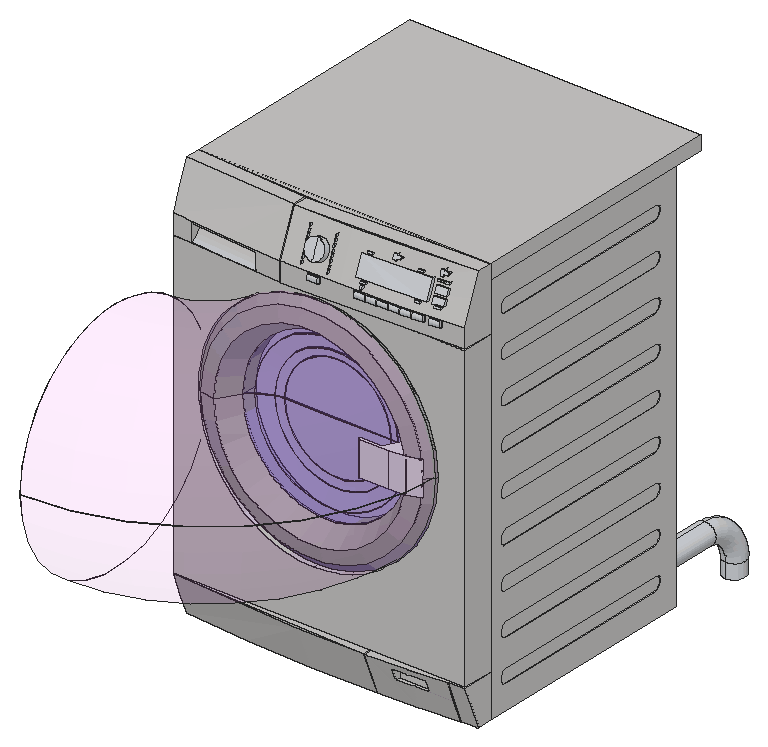
Revit family "QF_ELECTROLUXPROFESSIONAL_1L0A45_WE170V_E", category Attrezzature speciali, Revit 2021
Family settings
  Quota connettore circolare = Usa diametro
  Tipo di parte = Normale
  Basato su piano di lavoro = No
  Sempre verticale = Sì
  Taglio con vuoti quando caricato = No
  Condiviso = No
  Punto di calcolo locali = No
Parameters (values of type "914535416")
  Width = 596.5 mm
  Weight = 80.5
  Watts = 2200 W
  Volts = 230 V
  URL = "www.electroluxprofessional.com"
  Steam Pounds per Hour = 0
  Sensible Heat Output = "0.0"
  Prospetto di default = 0 mm
  Produttore = "Electrolux Professional"
  Phase = 1
  Modello = "WE170V"
  Length Actual = 597 mm
  Latent Heat Output = "0.0"
  Item Number = "1LSP9B"
  Hot Water Size [instance] = 20 mm
  Height Actual = 850 mm
  Height = 846.7 mm
  Gas KW = 0
  Direct Waste Size [instance] = 32 mm
  Descrizione = "myPRO SMART PROFESSIONAL WASHER WE170V 8KG VALVE 230-240/50/1N 2,2KW SYMBOLS SCHUKO SST/DARK BLUE"
  Depth Actual = 624 mm
  Depth = 619.6 mm
  Cycle = 50 Hz
  Corrente [instance] = "9.6"
  Cold Water Size [instance] = 20 mm
Types (5, lengths in mm): name | Watts | Volts | Item Number | Descrizione | Cycle | Corrente
  (no name) | 2200 W | 230 V | "1LSP9B" | "myPRO SMART PROFESSIONAL WASHER WE170V 8KG VALVE 230-240/50/1N 2,2KW SYMBOLS SCHUKO SST/DARK BLUE" | 50 Hz | "9.6"
  914535406 | 1700 W | 200 V | "1L0BJN" | "myPRO SMART PROFESSIONAL WASHER WE170V 8KG VALVE 200/60/1N 2,2KW JP SST/DARK BLUE" | 60 Hz | "8.5"
  914535413 | 2200 W | 230 V | "1LSP98" | "myPRO SMART PROFESSIONAL WASHER WE170V 8KG VALVE 230-240/50/1N 2,2KW EN PLUG-UK SST/DARK BLUE" | 50 Hz | "9.6"
  914535414 | 2200 W | 230 V | "1LSP99" | "myPRO SMART PROFESSIONAL WASHER WE170V 8KG VALVE 230-240/50/1N 2,2KW DE SCHUKO SST/DARK BLUE" | 50 Hz | "9.6"
  914535416 | 2200 W | 230 V | "1LSP9B" | "myPRO SMART PROFESSIONAL WASHER WE170V 8KG VALVE 230-240/50/1N 2,2KW SYMBOLS SCHUKO SST/DARK BLUE" | 50 Hz | "9.6"
Reference planes
  plane 1 "Center (Front/Back)": y = 0
  plane 2: z = 0
  plane 3 "Center (Left/Right)": x = 0
  plane 4 "LEFT": x = -298.25
  plane 5 "RIGHT": x = 298.25
  plane 6 "BACK": y = 309.8
  plane 7 "FRONT": y = -309.8
  plane 8 "voidPanel": through (0, -279.09, 846.678) normal (0, -0.9308, 0.3656)
Forms (mm)
  Extrusion 1, void
    sketch origin (0, 0, 0) x (1, 0, 0) y (0, 1, 0)
      loop
        line (298.25, -309.8) -> (348.25, -309.8) -> (348.25, -209.8) -> (298.25, -209.8) -> (298.25, -309.8)
    from 0 to 846.7
  Extrusion 2, void
    sketch origin (0, 0, 0) x (1, 0, 0) y (0, 1, 0)
      loop
        line (-298.25, -309.8) -> (-298.25, -209.8) -> (-348.25, -209.8) -> (-348.25, -309.8) -> (-298.25, -309.8)
    from 0 to 846.7
  Revolve 3, solid, material "QF_Finishes_Stainless Steel"
    sketch origin (0, 0, 0) x (0, 1, 0) y (0, 0, 1)
      loop
        line (-275.22, 846.7) -> (-309.8, 758.7) -> (-309.8, 96.5) -> (-275.22, 10.099) -> (-245.097, 10.099) -> (-245.097, 846.7) -> (-275.22, 846.7)
      axis (2693.07, 846.7) -> (2693.07, 10.099)
    angle from -6 to 6
  Extrusion 4, solid, material "QF_Finishes_Stainless Steel"
    sketch origin (0, 0, 0) x (1, 0, 0) y (0, 1, 0)
      loop
        line (-298.25, 244.903) -> (-298.25, -229.92) -> (298.25, -229.92) -> (298.25, 244.903) -> (-298.25, 244.903)
    from 10 to 816.7
  Extrusion 5, solid, material "QF_Finishes_Stainless Steel"
    sketch origin (0, 0, 816.7) x (-1, 0, 0) y (0, -1, 0)
      loop
        line (298.25, -309.8) -> (298.25, 245.097) -> (-298.25, 245.097) -> (-298.25, -309.8) -> (298.25, -309.8)
    from 0 to 30
  Extrusion 6, void
    sketch origin (0, -309.8, 0) x (0, 0, 1) y (-1, 0, 0)
      loop
        circle (464.1, 0) r 242.757
    from 0 to -500.517
  Revolve 7, solid, material "QF_Finishes_Gray"
    sketch origin (0, 0, 464.1) x (-1, 0, 0) y (0, -1, 0)
      loop
        line (242.774, 245.097) -> (242.774, 298.949) -> (226.774, 313.123) -> (196.73, 319.767) -> (170.5, 277.446) -> (170.5, 245.097) -> (242.774, 245.097)
      axis (0, 245.097) -> (0, 319.767)
    angle from 0 to 360
  Revolve 8, solid, material "Glass"
    sketch origin (0, 0, 464.1) x (-1, 0, 0) y (0, -1, 0)
      loop
        line (156.034, 264.421) -> (125.785, 250.116)
        arc (125.785, 250.116) -> (117.42, 247.776) -> (108.77, 246.987) r 47.824
        line (108.77, 246.987) -> (0, 246.987) -> (0, 244.987) -> (108.77, 244.987)
        arc (108.77, 244.987) -> (117.82, 245.816) -> (126.57, 248.275) r 49.824
        line (126.57, 248.275) -> (156.889, 262.613)
        arc (156.889, 262.613) -> (164.396, 267.382) -> (170.5, 273.851) r 35.892
        line (170.5, 273.851) -> (170.5, 277.446)
        arc (170.5, 277.446) -> (164.222, 269.872) -> (156.034, 264.421) r 33.892
      axis (0, 244.987) -> (0, 277.446)
    angle from 0 to 360
  Extrusion 9, void
    sketch origin (0, 0, 464.1) x (-1, 0, 0) y (0, -1, 0)
      loop
        line (278.25, -224.903) -> (278.25, 225.097) -> (-278.25, 225.097) -> (-278.25, -224.903) -> (278.25, -224.903)
    from -434.1 to 332.6
  Extrusion 10, void
    sketch origin (0, 0, 846.7) x (-1, 0, 0) y (0, -1, 0)
      loop
        arc (-298.25, 229.92) -> (0, 245.097) -> (298.25, 229.92) r 2938.166
        line (298.25, 229.92) -> (298.25, 260.198)
        arc (298.25, 260.198) -> (0, 275.22) -> (-298.25, 260.198) r 2968.289
        line (-298.25, 260.198) -> (-298.25, 229.92)
    from -30 to 0
  Extrusion 11, solid, material "QF_Finishes_Stainless Steel"
    sketch origin (0, 0, 846.7) x (-1, 0, 0) y (0, -1, 0)
      loop
        arc (-298.25, 229.92) -> (0, 245.097) -> (298.25, 229.92) r 2938.166
        line (298.25, 229.92) -> (298.25, 260.198)
        arc (298.25, 260.198) -> (0, 275.22) -> (-298.25, 260.198) r 2968.289
        line (-298.25, 260.198) -> (-298.25, 229.92)
    from 0 to -30
  Extrusion 12, solid
    sketch origin (0, 0, 846.7) x (-1, 0, 0) y (0, -1, 0)
      loop
        line (-148.308, 319.298) -> (-106.952, 319.298)
        arc (-106.952, 319.298) -> (-103.725, 322.526) -> (-106.952, 325.753) r 3.227
        line (-106.952, 325.753) -> (-166.755, 325.753)
        arc (-166.755, 325.753) -> (-197.413, 322.561) -> (-226.757, 313.123) r 148.849
        line (-226.757, 313.123) -> (-196.713, 319.767) -> (-170.483, 277.446) -> (-148.308, 319.298)
    from -417.516 to -347.516
  Extrusion 13, void
    sketch origin (0, 0, 0) x (0, 1, 0) y (0, 0, 1)
      loop
        line (-189.283, 738.954) -> (190.717, 738.954)
        arc (190.717, 738.954) -> (205.717, 753.954) -> (190.717, 768.954) r 15
        line (190.717, 768.954) -> (-189.283, 768.954)
        arc (-189.283, 768.954) -> (-204.283, 753.954) -> (-189.283, 738.954) r 15
      loop
        line (-189.283, 653.954) -> (190.717, 653.954)
        arc (190.717, 653.954) -> (205.717, 668.954) -> (190.717, 683.954) r 15
        line (190.717, 683.954) -> (-189.283, 683.954)
        arc (-189.283, 683.954) -> (-204.283, 668.954) -> (-189.283, 653.954) r 15
      loop
        arc (190.717, 568.954) -> (205.717, 583.954) -> (190.717, 598.954) r 15
        line (190.717, 598.954) -> (-189.283, 598.954)
        arc (-189.283, 598.954) -> (-204.283, 583.954) -> (-189.283, 568.954) r 15
        line (-189.283, 568.954) -> (190.717, 568.954)
      loop
        arc (-189.283, 513.954) -> (-204.283, 498.954) -> (-189.283, 483.954) r 15
        line (-189.283, 483.954) -> (190.717, 483.954)
        arc (190.717, 483.954) -> (205.717, 498.954) -> (190.717, 513.954) r 15
        line (190.717, 513.954) -> (-189.283, 513.954)
      loop
        arc (-189.283, 428.954) -> (-204.283, 413.954) -> (-189.283, 398.954) r 15
        line (-189.283, 398.954) -> (190.717, 398.954)
        arc (190.717, 398.954) -> (205.717, 413.954) -> (190.717, 428.954) r 15
        line (190.717, 428.954) -> (-189.283, 428.954)
      loop
        line (-189.283, 313.954) -> (190.717, 313.954)
        arc (190.717, 313.954) -> (205.717, 328.954) -> (190.717, 343.954) r 15
        line (190.717, 343.954) -> (-189.283, 343.954)
        arc (-189.283, 343.954) -> (-204.283, 328.954) -> (-189.283, 313.954) r 15
      loop
        arc (-189.283, 258.954) -> (-204.283, 243.954) -> (-189.283, 228.954) r 15
        line (-189.283, 228.954) -> (190.717, 228.954)
        arc (190.717, 228.954) -> (205.717, 243.954) -> (190.717, 258.954) r 15
        line (190.717, 258.954) -> (-189.283, 258.954)
      loop
        arc (-189.283, 173.954) -> (-204.283, 158.954) -> (-189.283, 143.954) r 15
        line (-189.283, 143.954) -> (190.717, 143.954)
        arc (190.717, 143.954) -> (205.717, 158.954) -> (190.717, 173.954) r 15
        line (190.717, 173.954) -> (-189.283, 173.954)
      loop
        arc (-189.283, 88.954) -> (-204.283, 73.954) -> (-189.283, 58.954) r 15
        line (-189.283, 58.954) -> (190.717, 58.954)
        arc (190.717, 58.954) -> (205.717, 73.954) -> (190.717, 88.954) r 15
        line (190.717, 88.954) -> (-189.283, 88.954)
    from 295 to 298.25
  Extrusion 14, void
    sketch origin (-298.25, 0, 0) x (0, 0, 1) y (0, -1, 0)
      loop
        line (768.954, -190.717) -> (768.954, 189.283)
        arc (768.954, 189.283) -> (753.954, 204.283) -> (738.954, 189.283) r 15
        line (738.954, 189.283) -> (738.954, -190.717)
        arc (738.954, -190.717) -> (753.954, -205.717) -> (768.954, -190.717) r 15
      loop
        arc (653.954, -190.717) -> (668.954, -205.717) -> (683.954, -190.717) r 15
        line (683.954, -190.717) -> (683.954, 189.283)
        arc (683.954, 189.283) -> (668.954, 204.283) -> (653.954, 189.283) r 15
        line (653.954, 189.283) -> (653.954, -190.717)
      loop
        line (598.954, -190.717) -> (598.954, 189.283)
        arc (598.954, 189.283) -> (583.954, 204.283) -> (568.954, 189.283) r 15
        line (568.954, 189.283) -> (568.954, -190.717)
        arc (568.954, -190.717) -> (583.954, -205.717) -> (598.954, -190.717) r 15
      loop
        arc (483.954, -190.717) -> (498.954, -205.717) -> (513.954, -190.717) r 15
        line (513.954, -190.717) -> (513.954, 189.283)
        arc (513.954, 189.283) -> (498.954, 204.283) -> (483.954, 189.283) r 15
        line (483.954, 189.283) -> (483.954, -190.717)
      loop
        line (398.954, 189.283) -> (398.954, -190.717)
        arc (398.954, -190.717) -> (413.954, -205.717) -> (428.954, -190.717) r 15
        line (428.954, -190.717) -> (428.954, 189.283)
        arc (428.954, 189.283) -> (413.954, 204.283) -> (398.954, 189.283) r 15
      loop
        arc (313.954, -190.717) -> (328.954, -205.717) -> (343.954, -190.717) r 15
        line (343.954, -190.717) -> (343.954, 189.283)
        arc (343.954, 189.283) -> (328.954, 204.283) -> (313.954, 189.283) r 15
        line (313.954, 189.283) -> (313.954, -190.717)
      loop
        arc (258.954, 189.283) -> (243.954, 204.283) -> (228.954, 189.283) r 15
        line (228.954, 189.283) -> (228.954, -190.717)
        arc (228.954, -190.717) -> (243.954, -205.717) -> (258.954, -190.717) r 15
        line (258.954, -190.717) -> (258.954, 189.283)
      loop
        arc (143.954, -190.717) -> (158.954, -205.717) -> (173.954, -190.717) r 15
        line (173.954, -190.717) -> (173.954, 189.283)
        arc (173.954, 189.283) -> (158.954, 204.283) -> (143.954, 189.283) r 15
        line (143.954, 189.283) -> (143.954, -190.717)
      loop
        line (88.954, -190.717) -> (88.954, 189.283)
        arc (88.954, 189.283) -> (73.954, 204.283) -> (58.954, 189.283) r 15
        line (58.954, 189.283) -> (58.954, -190.717)
        arc (58.954, -190.717) -> (73.954, -205.717) -> (88.954, -190.717) r 15
    from 0 to 3.25
  Extrusion 15, solid
    sketch origin (0, 0, 0) x (1, 0, 0) y (0, 1, 0)
      loop
        circle (-260.35, 212.4) r 20
    from 2.599 to 10
  Extrusion 16, solid
    sketch origin (0, 0, 0) x (1, 0, 0) y (0, 1, 0)
      loop
        circle (-260.35, 212.4) r 11
    from 0 to 3
  Extrusion 17, solid
    sketch origin (0, 0, 0) x (1, 0, 0) y (0, 1, 0)
      loop
        circle (260.35, 212.4) r 20
    from 3 to 10
  Extrusion 18, solid
    sketch origin (0, 0, 0) x (1, 0, 0) y (0, 1, 0)
      loop
        circle (260.35, 212.4) r 11
    from 0 to 3
  Extrusion 19, solid
    sketch origin (0, 0, 0) x (1, 0, 0) y (0, 1, 0)
      loop
        circle (-260.35, -214) r 20
    from 3 to 10
  Extrusion 20, solid
    sketch origin (0, 0, 0) x (1, 0, 0) y (0, 1, 0)
      loop
        circle (-260.35, -214) r 11
    from 0 to 3
  Extrusion 21, solid
    sketch origin (0, 0, 0) x (1, 0, 0) y (0, 1, 0)
      loop
        circle (260.35, -214) r 20
    from 3 to 10
  Extrusion 22, solid
    sketch origin (0, 0, 0) x (1, 0, 0) y (0, 1, 0)
      loop
        circle (260.35, -214) r 11
    from 0 to 3
  Sweep 23, solid
    path in 3D
      loop
        line (257.95, 444.903, -30.702) -> (257.95, 444.903, -0.7)
        arc (257.95, 444.903, -0.7) -> (257.95, 422.935, 52.336) -> (257.95, 369.899, 74.304) r 75.004
        line (257.95, 369.899, 74.304) -> (257.95, 244.903, 74.304)
    profile origin (257.95, 307.401, 74.304) x (0, 0, 1) y (-1, 0, 0)
      loop
        circle (-0.004, 0) r 22.25
  Blend 24, solid, material "QF_Finishes_Gray"
    base sketch origin (0, 244.903, 0) x (0, 0, 1) y (1, 0, 0)
      loop
        line (717.592, 70.741) -> (682.886, 203.828)
        arc (682.886, 203.828) -> (656.475, 243.36) -> (611.455, 258.643) r 73.949
        line (611.455, 258.643) -> (186.793, 258.643)
        arc (186.793, 258.643) -> (89.269, 219.323) -> (48.718, 122.304) r 136.362
        line (48.718, 122.304) -> (48.718, -122.304)
        arc (48.718, -122.304) -> (89.269, -219.322) -> (186.793, -258.643) r 136.362
        line (186.793, -258.643) -> (611.455, -258.643)
        arc (611.455, -258.643) -> (656.475, -243.36) -> (682.886, -203.828) r 73.949
        line (682.886, -203.828) -> (717.592, -70.741) -> (717.592, 70.741)
    top sketch origin (0, 244.903, 0) x (0, 0, 1) y (1, 0, 0)
      loop
        line (600.219, 199.866) -> (180.219, 199.866)
        arc (180.219, 199.866) -> (108.444, 170.809) -> (77.096, 100.006) r 103.177
        line (77.096, 100.006) -> (77.096, -100.006)
        arc (77.096, -100.006) -> (108.444, -170.809) -> (180.219, -199.865) r 103.177
        line (180.219, -199.865) -> (600.219, -199.865)
        arc (600.219, -199.865) -> (648.92, -183.679) -> (678.078, -141.448) r 80.887
        line (678.078, -141.448) -> (699.055, -63.159)
        arc (699.055, -63.159) -> (702.827, -43.9) -> (703.937, -24.306) r 143.552
        line (703.937, -24.306) -> (703.937, 24.306)
        arc (703.937, 24.306) -> (702.827, 43.9) -> (699.055, 63.159) r 143.552
        line (699.055, 63.159) -> (678.078, 141.448)
        arc (678.078, 141.448) -> (648.92, 183.679) -> (600.219, 199.866) r 80.887
    from 0 to 45
  Extrusion 25, solid
    sketch origin (0, 244.903, 0) x (0, 0, 1) y (1, 0, 0)
      loop
        circle (770.6, 175.06) r 5
    from 0 to 10
  Extrusion 26, solid
    sketch origin (0, 244.903, 0) x (0, 0, 1) y (1, 0, 0)
      loop
        circle (747.326, -204.287) r 10.551
    from 0 to 3
  Extrusion 27, solid
    sketch origin (0, 244.903, 0) x (0, 0, 1) y (1, 0, 0)
      loop
        circle (753.113, -128.946) r 10.957
    from 0 to 3
  Revolve 28, solid
    sketch origin (0, 0, 0) x (0, 1, 0) y (0, 0, 1)
      loop
        line (-288.963, 811.912) -> (-290.42, 812.457) -> (-288.648, 817.196) -> (-299.251, 821.16) -> (-306.378, 802.099) -> (-294.396, 797.379) -> (-288.963, 811.912)
      axis (-306.708, 802.229) -> (-294.396, 797.379)
    angle from 0 to 360
  Revolve 29, void
    sketch origin (-230.316, 19.843, 0) x (-0.085839, -0.996309, 0) y (0, 0, 1)
      loop
        arc (300.921, 756.57) -> (305.932, 736.74) -> (319.761, 721.669) r 41.748
        line (319.761, 721.669) -> (319.761, 756.57) -> (300.921, 756.57)
      axis (-2683.13, 756.57) -> (-2683.13, 721.669)
    angle from 0 to 2.65
  Extrusion 30, void
    sketch origin (0, -309.8, 0) x (0, 0, 1) y (-1, 0, 0)
      loop
        line (756.024, 11.1) -> (744.024, 11.1) -> (744.024, -11.9) -> (756.024, -11.9) -> (756.024, 11.1)
    from -2 to 2
  Extrusion 31, void
    sketch origin (0, -309.8, 0) x (0, 0, 1) y (-1, 0, 0)
      loop
        line (744.024, -82.491) -> (744.024, -105.291) -> (756.024, -105.291) -> (756.024, -82.491) -> (744.024, -82.491)
    from -4.2 to 3
  Extrusion 32, void
    sketch origin (0, -309.8, 0) x (0, 0, 1) y (-1, 0, 0)
      loop
        line (744.024, -105.691) -> (744.024, -128.291) -> (756.024, -128.291) -> (756.024, -105.691) -> (744.024, -105.691)
    from -5 to 3
  Extrusion 33, void
    sketch origin (0, -309.8, 0) x (0, 0, 1) y (-1, 0, 0)
      loop
        line (744.024, -128.691) -> (744.024, -151.291) -> (756.024, -151.291) -> (756.024, -128.691) -> (744.024, -128.691)
    from -6 to 3
  Extrusion 34, void
    sketch origin (0, -309.8, 0) x (0, 0, 1) y (-1, 0, 0)
      loop
        line (744.024, -151.691) -> (744.024, -174.291) -> (756.024, -174.291) -> (756.024, -151.691) -> (744.024, -151.691)
    from -7 to 3
  Extrusion 35, void
    sketch origin (0, -309.8, 0) x (0, 0, 1) y (-1, 0, 0)
      loop
        line (756.024, -174.691) -> (744.024, -174.691) -> (744.024, -197.291) -> (756.024, -197.291) -> (756.024, -174.691)
    from -8 to 3
  Extrusion 36, void
    sketch origin (0, -309.8, 0) x (0, 0, 1) y (-1, 0, 0)
      loop
        line (756.024, -197.691) -> (744.024, -197.691) -> (744.024, -220.291) -> (756.024, -220.291) -> (756.024, -197.691)
    from -10 to 3
  Extrusion 37, void
    sketch origin (0, -309.8, 0) x (0, 0, 1) y (-1, 0, 0)
      loop
        line (756.024, -231.191) -> (744.024, -231.191) -> (744.024, -253.791) -> (756.024, -253.791) -> (756.024, -231.191)
    from -12 to 3
  Revolve 38, solid
    sketch origin (0, 0, 0) x (0, 1, 0) y (0, 0, 1)
      loop
        arc (-311.022, 755.444) -> (-313.407, 750.198) -> (-312.569, 744.497) r 10.199
        line (-312.569, 744.497) -> (-308.8, 744.497) -> (-308.8, 755.444) -> (-311.022, 755.444)
      axis (2693.07, 755.444) -> (2693.07, 744.497)
    angle from -0.2 to 0.2
  Revolve 39, solid
    sketch origin (225.331, 18.987, 0) x (-0.083967, 0.996469, 0) y (0, 0, 1)
      loop
        line (-322.415, 744.497) -> (-318.664, 744.497) -> (-318.664, 755.444) -> (-320.867, 755.444)
        arc (-320.867, 755.444) -> (-323.262, 750.2) -> (-322.415, 744.497) r 10.15
      axis (2683.559, 755.444) -> (2683.559, 744.497)
    angle from 0.39 to 0
  Revolve 40, solid
    sketch origin (175.309, 11.964, -0.527) x (-0.065247, 0.997869, 0) y (0, 0, 1)
      loop
        arc (-316.803, 755.966) -> (-319.198, 750.722) -> (-318.35, 745.019) r 10.15
        line (-318.35, 745.019) -> (-314.581, 745.019) -> (-314.581, 755.966) -> (-316.803, 755.966)
      axis (2687.331, 755.966) -> (2687.331, 745.019)
    angle from 0 to 0.39
  Revolve 41, solid
    sketch origin (154.929, 8.943, 0) x (0.057625, -0.998338, 0) y (0, 0, 1)
      loop
        line (314.383, 755.444) -> (312.161, 755.444) -> (312.161, 744.497) -> (315.93, 744.497)
        arc (315.93, 744.497) -> (316.778, 750.2) -> (314.383, 755.444) r 10.15
      axis (-2688.595, 755.444) -> (-2688.595, 744.497)
    angle from 0 to -0.39
  Revolve 42, solid
    sketch origin (114.028, 4.837, 0) x (-0.042379, 0.999102, 0) y (0, 0, 1)
      loop
        arc (-312.044, 755.444) -> (-314.439, 750.2) -> (-313.591, 744.497) r 10.15
        line (-313.591, 744.497) -> (-309.822, 744.497) -> (-309.822, 755.444) -> (-312.044, 755.444)
      axis (2690.65, 755.444) -> (2690.65, 744.497)
    angle from 0 to 0.39
  Revolve 43, solid
    sketch origin (93.547, 3.253, 0) x (0.034757, -0.999396, 0) y (0, 0, 1)
      loop
        line (310.993, 755.444) -> (308.772, 755.444) -> (308.772, 744.497) -> (312.541, 744.497)
        arc (312.541, 744.497) -> (313.388, 750.2) -> (310.993, 755.444) r 10.15
      axis (-2691.442, 755.444) -> (-2691.442, 744.497)
    angle from 0 to -0.39
  Revolve 44, solid
    sketch origin (195.713, 14.299, -0.064) x (-0.072866, 0.997342, 0) y (0, 0, 1)
      loop
        line (-314.873, 744.555) -> (-314.873, 755.526) -> (-317.167, 755.526)
        arc (-317.167, 755.526) -> (-319.568, 750.27) -> (-318.708, 744.555) r 10.141
        line (-318.708, 744.555) -> (-314.873, 744.555)
      axis (2685.911, 755.526) -> (2685.911, 744.555)
    angle from 0 to 0.39
  Revolve 45, solid
    sketch origin (134.491, 6.733, 0) x (-0.050002, 0.998749, 0) y (0, 0, 1)
      loop
        line (-314.545, 744.497) -> (-310.794, 744.497) -> (-310.794, 755.444) -> (-312.997, 755.444)
        arc (-312.997, 755.444) -> (-315.392, 750.2) -> (-314.545, 744.497) r 10.15
      axis (2689.701, 755.444) -> (2689.701, 744.497)
    angle from 0 to 0.39
  Extrusion 46, void
    sketch origin (0, 0, 0) x (0, 1, 0) y (0, 0, 1)
      loop
        line (-252.57, 10.099) -> (-252.57, 96.5) -> (-320.672, 96.5) -> (-320.672, 10.099) -> (-252.57, 10.099)
    from 102 to 103.5
  Extrusion 47, void
    sketch origin (0, 0, 0) x (0, 1, 0) y (0, 0, 1)
      loop
        line (-252.57, 10.099) -> (-252.57, 96.5) -> (-320.672, 96.5) -> (-320.672, 10.099) -> (-252.57, 10.099)
    from 265 to 267.304
  Extrusion 48, void
    sketch origin (-298.25, 0, 0) x (0, 0, 1) y (0, -1, 0)
      loop
        line (846.7, 240.776) -> (846.7, 324.43) -> (718.7, 324.43) -> (718.7, 240.776) -> (846.7, 240.776)
    from 229 to 231.5
  Extrusion 49, void
    sketch origin (298.25, 0, 0) x (0, 0, 1) y (0, -1, 0)
      loop
        line (718.7, 229.92) -> (718.7, 330.753) -> (716.2, 330.753) -> (716.2, 229.92) -> (718.7, 229.92)
    from -600 to 3
  Extrusion 50, void
    sketch origin (298.25, 0, 0) x (0, 0, 1) y (0, -1, 0)
      loop
        line (96.5, 320.097) -> (96.5, 229.92) -> (99, 229.92) -> (99, 320.097) -> (96.5, 320.097)
    from -600 to 3
  Extrusion 51, void
    sketch origin (298.25, 0, 0) x (0, 0, 1) y (0, -1, 0)
      loop
        line (59.021, 279.876) -> (84.521, 279.876) -> (84.521, 312.8) -> (59.021, 312.8) -> (59.021, 279.876)
    from -145.491 to -78.384
  Extrusion 52, solid
    sketch origin (0, -309.8, 0) x (0, 0, 1) y (-1, 0, 0)
      loop
        line (830.108, -26.248) -> (825.608, -26.248) -> (825.608, -27.748) -> (830.108, -27.748) -> (830.108, -26.248)
      loop
        line (821.758, -26.248) -> (817.258, -26.248) -> (817.258, -27.748) -> (821.758, -27.748) -> (821.758, -26.248)
      loop
        line (813.408, -26.248) -> (808.908, -26.248) -> (808.908, -27.748) -> (813.408, -27.748) -> (813.408, -26.248)
      loop
        line (805.058, -26.248) -> (800.558, -26.248) -> (800.558, -27.748) -> (805.058, -27.748) -> (805.058, -26.248)
      loop
        line (792.208, -26.248) -> (792.208, -27.748) -> (796.7, -27.748) -> (796.7, -26.248) -> (792.208, -26.248)
      loop
        line (783.858, -26.248) -> (783.858, -27.748) -> (788.358, -27.748) -> (788.358, -26.248) -> (783.858, -26.248)
      loop
        line (775.508, -26.248) -> (775.508, -27.748) -> (780.008, -27.748) -> (780.008, -26.248) -> (775.508, -26.248)
      loop
        line (767.158, -26.248) -> (767.158, -27.748) -> (771.658, -27.748) -> (771.658, -26.248) -> (767.158, -26.248)
      loop
        line (825.608, 27.752) -> (825.608, 26.252) -> (830.108, 26.252) -> (830.108, 27.752) -> (825.608, 27.752)
      loop
        line (817.258, 27.752) -> (817.258, 26.252) -> (821.758, 26.252) -> (821.758, 27.752) -> (817.258, 27.752)
      loop
        line (808.908, 27.752) -> (808.908, 26.252) -> (813.408, 26.252) -> (813.408, 27.752) -> (808.908, 27.752)
      loop
        line (800.558, 27.752) -> (800.558, 26.252) -> (805.058, 26.252) -> (805.058, 27.752) -> (800.558, 27.752)
      loop
        line (792.208, 27.752) -> (792.208, 26.252) -> (796.7, 26.252) -> (796.7, 27.752) -> (792.208, 27.752)
      loop
        line (783.858, 27.752) -> (783.858, 26.252) -> (788.358, 26.252) -> (788.358, 27.752) -> (783.858, 27.752)
      loop
        line (775.508, 27.752) -> (775.508, 26.252) -> (780.008, 26.252) -> (780.008, 27.752) -> (775.508, 27.752)
      loop
        line (767.158, 27.752) -> (767.158, 26.252) -> (771.658, 26.252) -> (771.658, 27.752) -> (767.158, 27.752)
      loop
        line (819.143, -91.989) -> (819.143, -101.989) -> (822.143, -101.989) -> (822.143, -91.989) -> (819.143, -91.989)
      loop
        line (772.15, -91.989) -> (772.15, -101.989) -> (775.15, -101.989) -> (775.15, -91.989) -> (772.15, -91.989)
      loop
        line (762.775, -93.928) -> (762.775, -97.928) -> (769.475, -97.928) -> (769.475, -93.928) -> (762.775, -93.928)
      loop
        line (819.143, -191.861) -> (819.143, -201.861) -> (822.143, -201.861) -> (822.143, -191.861) -> (819.143, -191.861)
      loop
        line (772.15, -198.861) -> (772.15, -208.861) -> (775.15, -208.861) -> (775.15, -198.861) -> (772.15, -198.861)
      loop
        line (814.446, -230.991) -> (814.446, -237.491) -> (816.946, -237.491) -> (816.946, -230.991) -> (814.446, -230.991)
      loop
        line (816.946, -239.241) -> (814.446, -239.241) -> (814.446, -245.741) -> (816.946, -245.741) -> (816.946, -239.241)
      loop
        line (816.946, -247.491) -> (814.446, -247.491) -> (814.446, -253.991) -> (816.946, -253.991) -> (816.946, -247.491)
      loop
        line (808.046, -230.991) -> (796.046, -230.991) -> (796.046, -253.991) -> (808.046, -253.991) -> (808.046, -230.991)
      loop
        line (791.046, -230.991) -> (779.046, -230.991) -> (779.046, -253.991) -> (791.046, -253.991) -> (791.046, -230.991)
      loop
        line (773.046, -235.991) -> (773.046, -248.991) -> (776.546, -248.991) -> (776.546, -235.991) -> (773.046, -235.991)
      loop
        line (815.845, -81.665) -> (778.345, -81.665) -> (778.345, -221.665) -> (815.845, -221.665) -> (815.845, -81.665)
      loop
        line (823.434, -141.668) -> (823.434, -148.168) -> (825.186, -148.168)
        arc (825.186, -148.168) -> (825.862, -148.43) -> (826.186, -149.079) r 1.004
        line (826.186, -149.079) -> (826.761, -155.285)
        arc (826.761, -155.285) -> (827.085, -155.934) -> (827.761, -156.196) r 1.004
        line (827.761, -156.196) -> (830.526, -156.196)
        arc (830.526, -156.196) -> (831.202, -155.934) -> (831.526, -155.285) r 1.004
        line (831.526, -155.285) -> (832.101, -149.079)
        arc (832.101, -149.079) -> (832.559, -148.326) -> (833.434, -148.224) r 1.004
        line (833.434, -148.224) -> (833.434, -141.668) -> (823.434, -141.668)
      loop
        line (823.434, -233.563) -> (823.434, -240.063) -> (825.186, -240.063)
        arc (825.186, -240.063) -> (825.862, -240.325) -> (826.186, -240.974) r 1.004
        line (826.186, -240.974) -> (826.761, -247.18)
        arc (826.761, -247.18) -> (827.085, -247.829) -> (827.761, -248.091) r 1.004
        line (827.761, -248.091) -> (830.526, -248.091)
        arc (830.526, -248.091) -> (831.202, -247.829) -> (831.526, -247.18) r 1.004
        line (831.526, -247.18) -> (832.101, -240.974)
        arc (832.101, -240.974) -> (832.559, -240.222) -> (833.434, -240.12) r 1.004
        line (833.434, -240.12) -> (833.434, -233.563) -> (823.434, -233.563)
    from -45.246 to 5.217
  Revolve 53, void
    sketch origin (0, 0, 0) x (0, 1, 0) y (0, 0, 1)
      loop
        line (-311.514, 758.952) -> (-274.197, 853.952) -> (-327.007, 853.952) -> (-327.007, 758.952) -> (-311.514, 758.952)
      axis (2693.07, 853.952) -> (2693.07, 758.952)
    angle from 1 to -6
  Revolve 54, void
    sketch origin (0, 0, 0) x (0, 1, 0) y (0, 0, 1)
      loop
        line (-270.727, 839.015) -> (-301.294, 761.2) -> (-259.603, 761.2) -> (-259.603, 839.015) -> (-270.727, 839.015)
      axis (2693.07, 839.015) -> (2693.07, 761.2)
    angle from 1 to -5
  Revolve 55, solid, material "QF_Door-Drawer Clearances"
    sketch origin (0, -270.65, 0) x (-1, 0, 0) y (0, 0, 1)
      loop
        circle (0, 464.1) r 242.757
      axis (242.774, 464.1) -> (242.774, 463.1)
    angle from 0 to 90
Cuts and joins
  Extrusion 9, Extrusion 13, Extrusion 14, Revolve 29, Extrusion 49, Extrusion 50 cuts Extrusion 4
  Extrusion 1, Extrusion 2, Extrusion 6, Extrusion 10, Revolve 29, Extrusion 30, Extrusion 31, Extrusion 32, Extrusion 33, Extrusion 34, Extrusion 35, Extrusion 36, Extrusion 37, Extrusion 46, Extrusion 47, Extrusion 48, Extrusion 49, Extrusion 50, Extrusion 51, Revolve 54 cuts Revolve 3
  Revolve 29, Extrusion 46, Extrusion 47, Extrusion 48, Extrusion 49, Extrusion 50, Revolve 54 cuts Extrusion 11
  joined: Revolve 3, Extrusion 11
  Extrusion 10 cuts Extrusion 5
  Revolve 53, Revolve 54 cuts Extrusion 52
Lines and regions (mm)
  model lines
    curve 1: circle (257.95, 244.903, 74.3) r 22.25 normal (0, 1, 0)
    curve 5: line (253.366, -313.716, 0) -> (253.669, -317.455, 0)
  sketch lines
    curve 2: line (257.95, 369.899, 74.304) -> (257.95, 244.903, 74.304)
    curve 3: arc (257.95, 369.899, 74.304) -> (257.95, 422.935, 52.336) -> (257.95, 444.903, -0.7) r 75.004
    curve 4: line (257.95, 444.903, -30.702) -> (257.95, 444.903, -0.7)
  symbolic lines, style "QF_Door-Drawer Clearances"
    curve 6: line (-242.774, -756.198, 744.475) -> (-242.774, -270.65, 744.475)
    curve 7: arc (-242.774, -756.198, 744.475) -> (86.428, -627.558, 744.475) -> (241.193, -309.8, 744.475) r 485.548
    curve 8: line (-242.774, -756.198, 744.475) -> (-239.774, -756.198, 744.475)
Dimensions and locks
  equal spacing: plane 5 "RIGHT", plane 3 "Center (Left/Right)", plane 4 "LEFT"
  "Width": plane 5 "RIGHT" to plane 4 "LEFT"
  equal spacing: plane 7 "FRONT", plane 1 "Center (Front/Back)", plane 6 "BACK"
  "Depth": plane 7 "FRONT" to plane 6 "BACK"
  cut or joined group of Extrusion 5, Extrusion 10 to cut or joined group of Extrusion 5, Extrusion 10 = 596.5 mm
  plane 7 "FRONT" to plane 6 "BACK" = 619.6 mm
  curve 8 to plane 6 "BACK" = 1065.998 mm
  cut or joined group of Extrusion 1, Extrusion 2, Revolve 3, Extrusion 6, Extrusion 10, Extrusion 11, Revolve 29, Extrusion 30, Extrusion 31, Extrusion 32, Extrusion 33, Extrusion 34, Extrusion 35, Extrusion 36, Extrusion 37, Extrusion 46, Extrusion 47, Extrusion 48, Extrusion 49, Extrusion 50, Extrusion 51, Revolve 54 to level = 846.7 mm
  aligned and locked: level to plane 2
Automatic sketch dimensions
  Extrusion 1 sketch curve to plane 5 "RIGHT" = 0 mm
  plane 7 "FRONT" to Extrusion 1 sketch curve = 0 mm
  Extrusion 1 sketch curve to Extrusion 1 sketch curve = 50 mm
  plane 7 "FRONT" to Extrusion 2 sketch curve = 0 mm
  Extrusion 2 sketch curve to plane 4 "LEFT" = 0 mm
  Extrusion 2 sketch curve to Extrusion 2 sketch curve = 50 mm
  Revolve 3 sketch curve to plane 7 "FRONT" = 0 mm
  Revolve 3 sketch curve to level = 337.362 mm
  Extrusion 4 sketch curve to plane 4 "LEFT" = 0 mm
  Extrusion 4 sketch curve to plane 5 "RIGHT" = 0 mm
  Extrusion 5 sketch curve to plane 5 "RIGHT" = 0 mm
  Extrusion 5 sketch curve to plane 4 "LEFT" = 0 mm
  plane 6 "BACK" to Extrusion 5 sketch curve = 0 mm
  Extrusion 6 sketch curve to plane 3 "Center (Left/Right)" = 0 mm
  Revolve 7 sketch curve to plane 3 "Center (Left/Right)" = 0 mm
  plane 7 "FRONT" to Revolve 7 sketch curve = 3.323 mm
  Revolve 7 sketch curve to Revolve 7 sketch curve = 32.349 mm
  Revolve 7 sketch curve to plane 7 "FRONT" = 10.851 mm
  plane 7 "FRONT" to Revolve 7 sketch curve = 9.967 mm
  Revolve 7 sketch curve to plane 6 "BACK" = 1134.072 mm
  plane 7 "FRONT" to Revolve 7 sketch curve = 1124.917 mm
  Revolve 8 sketch curve to Revolve 8 sketch curve = 0 mm  (x5)
  Revolve 8 sketch curve to plane 3 "Center (Left/Right)" = 0 mm  (x2)
  Revolve 8 sketch curve to Revolve 8 sketch curve = 0.785 mm
  Revolve 8 sketch curve to Revolve 8 sketch curve = 0.855 mm
  Revolve 8 sketch curve to Revolve 8 sketch curve = 14.466 mm
  Revolve 8 sketch curve to Revolve 8 sketch curve = 1.288 mm
  Revolve 8 sketch curve to Revolve 8 sketch curve = 1.808 mm
  Revolve 8 sketch curve to Revolve 8 sketch curve = 9.43 mm
  Revolve 8 sketch curve to plane 6 "BACK" = 1134.072 mm
  plane 7 "FRONT" to Revolve 8 sketch curve = 1124.917 mm
  Extrusion 10 sketch curve to Extrusion 10 sketch curve = 0 mm  (x3)
  Extrusion 10 sketch curve to plane 5 "RIGHT" = 0 mm
  Extrusion 10 sketch curve to plane 3 "Center (Left/Right)" = 0 mm
  Extrusion 10 sketch curve to plane 4 "LEFT" = 0 mm
  Extrusion 11 sketch curve to Extrusion 11 sketch curve = 0 mm  (x3)
  Extrusion 11 sketch curve to plane 5 "RIGHT" = 0 mm
  Extrusion 11 sketch curve to plane 3 "Center (Left/Right)" = 0 mm
  Extrusion 11 sketch curve to plane 4 "LEFT" = 0 mm
  plane 7 "FRONT" to Extrusion 12 sketch curve = 3.323 mm
  plane 7 "FRONT" to Extrusion 12 sketch curve = 9.967 mm
  plane 7 "FRONT" to Extrusion 12 sketch curve = 9.498 mm
  Extrusion 12 sketch curve to Extrusion 12 sketch curve = 18.446 mm
  Extrusion 12 sketch curve to Extrusion 12 sketch curve = 41.357 mm
  Extrusion 13 sketch curve to Extrusion 13 sketch curve = 15 mm  (x9)
  Extrusion 13 sketch curve to Extrusion 13 sketch curve = 55 mm  (x8)
  Extrusion 14 sketch curve to Extrusion 14 sketch curve = 55 mm  (x8)
  Extrusion 14 sketch curve to Extrusion 14 sketch curve = 15 mm  (x9)
  profile plane to Sweep 23 sketch curve = 0 mm
  profile plane to Sweep 23 sketch curve = 0.004 mm
  Blend 24 sketch curve to Blend 24 sketch curve = 1.713 mm  (x2)
  plane 3 "Center (Left/Right)" to Blend 24 sketch curve = 70.741 mm
  plane 3 "Center (Left/Right)" to Blend 24 sketch curve = 26.006 mm
  Blend 24 sketch curve to plane 3 "Center (Left/Right)" = 26.006 mm
  Blend 24 sketch curve to Blend 24 sketch curve = 0 mm
  Blend 24 sketch curve to Blend 24 sketch curve = 0.156 mm  (x2)
  Blend 24 sketch curve to plane 3 "Center (Left/Right)" = 63.159 mm
  plane 3 "Center (Left/Right)" to Blend 24 sketch curve = 24.306 mm
  plane 3 "Center (Left/Right)" to Blend 24 sketch curve = 96.688 mm
  Revolve 28 sketch curve to plane 7 "FRONT" = 3.422 mm
  Revolve 28 sketch curve to plane 7 "FRONT" = 10.549 mm
  Revolve 28 sketch curve to Revolve 28 sketch curve = 11.981 mm
  Revolve 28 sketch curve to Revolve 28 sketch curve = 8.831 mm
  Revolve 28 sketch curve to Revolve 28 sketch curve = 1.772 mm
  Revolve 28 sketch curve to Revolve 28 sketch curve = 0 mm  (x4)
  Revolve 29 sketch curve to Revolve 29 sketch curve = 18.839 mm
  Revolve 29 sketch curve to Revolve 29 sketch curve = 22.908 mm
  Revolve 29 sketch curve to Revolve 29 sketch curve = 2984.051 mm
  plane 3 "Center (Left/Right)" to Extrusion 30 sketch curve = 11.9 mm
  Extrusion 30 sketch curve to plane 3 "Center (Left/Right)" = 11.1 mm
  Extrusion 31 sketch curve to Extrusion 31 sketch curve = 22.8 mm
  Extrusion 32 sketch curve to Extrusion 32 sketch curve = 22.6 mm
  Extrusion 33 sketch curve to Extrusion 33 sketch curve = 22.6 mm
  Extrusion 34 sketch curve to Extrusion 34 sketch curve = 22.6 mm
  Extrusion 36 sketch curve to Extrusion 36 sketch curve = 22.6 mm
  Extrusion 37 sketch curve to Extrusion 37 sketch curve = 22.6 mm
  Revolve 38 sketch curve to plane 7 "FRONT" = 6.491 mm
  Revolve 38 sketch curve to plane 7 "FRONT" = 1 mm
  plane 7 "FRONT" to Revolve 38 sketch curve = 1.222 mm
  plane 7 "FRONT" to Revolve 38 sketch curve = 2.769 mm
  Revolve 39 sketch curve to Revolve 39 sketch curve = 1.547 mm
  Revolve 39 sketch curve to Revolve 39 sketch curve = 2.203 mm
  Revolve 39 sketch curve to Revolve 39 sketch curve = 2996.771 mm
  Revolve 40 sketch curve to Revolve 40 sketch curve = 1.547 mm
  Revolve 40 sketch curve to Revolve 40 sketch curve = 3.769 mm
  Revolve 40 sketch curve to Revolve 40 sketch curve = 2996.479 mm
  Revolve 41 sketch curve to Revolve 41 sketch curve = 5.433 mm
  Revolve 41 sketch curve to Revolve 41 sketch curve = 2.222 mm
  Revolve 41 sketch curve to Revolve 41 sketch curve = 3.769 mm
  Revolve 41 sketch curve to Revolve 41 sketch curve = 2995.322 mm
  Revolve 42 sketch curve to Revolve 42 sketch curve = 1.548 mm
  Revolve 42 sketch curve to Revolve 42 sketch curve = 3.769 mm
  Revolve 42 sketch curve to Revolve 42 sketch curve = 2995.039 mm
  Revolve 43 sketch curve to Revolve 43 sketch curve = 5.433 mm
  Revolve 43 sketch curve to Revolve 43 sketch curve = 2.222 mm
  Revolve 43 sketch curve to Revolve 43 sketch curve = 3.769 mm
  Revolve 43 sketch curve to Revolve 43 sketch curve = 2994.781 mm
  Revolve 44 sketch curve to Revolve 44 sketch curve = 1.541 mm
  Revolve 44 sketch curve to Revolve 44 sketch curve = 3.835 mm
  Revolve 44 sketch curve to Revolve 44 sketch curve = 2995.436 mm
  Revolve 45 sketch curve to Revolve 45 sketch curve = 1.547 mm
  Revolve 45 sketch curve to Revolve 45 sketch curve = 2.203 mm
  Revolve 45 sketch curve to Revolve 45 sketch curve = 2995.043 mm
  plane 7 "FRONT" to Extrusion 46 sketch curve = 10.872 mm
  plane 7 "FRONT" to Extrusion 47 sketch curve = 10.872 mm
  plane 7 "FRONT" to Extrusion 48 sketch curve = 14.63 mm
  Extrusion 49 sketch curve to Extrusion 49 sketch curve = 2.5 mm
  plane 7 "FRONT" to Extrusion 49 sketch curve = 20.953 mm
  Extrusion 50 sketch curve to Extrusion 50 sketch curve = 2.5 mm
  plane 7 "FRONT" to Extrusion 50 sketch curve = 10.297 mm
  plane 7 "FRONT" to Extrusion 51 sketch curve = 3 mm
  Extrusion 51 sketch curve to plane 7 "FRONT" = 29.924 mm
  Extrusion 52 sketch curve to Extrusion 52 sketch curve = 5 mm  (x3)
  Extrusion 52 sketch curve to Extrusion 52 sketch curve = 3.85 mm  (x12)
  Extrusion 52 sketch curve to Extrusion 52 sketch curve = 4.5 mm  (x14)
  Extrusion 52 sketch curve to Extrusion 52 sketch curve = 2.5 mm  (x4)
  Extrusion 52 sketch curve to Extrusion 52 sketch curve = 6.7 mm
  Extrusion 52 sketch curve to Extrusion 52 sketch curve = 3.858 mm  (x2)
  Extrusion 52 sketch curve to Extrusion 52 sketch curve = 0 mm  (x18)
  Extrusion 52 sketch curve to Extrusion 52 sketch curve = 3 mm  (x4)
  Extrusion 52 sketch curve to Extrusion 52 sketch curve = 1.752 mm  (x2)
  Extrusion 52 sketch curve to Extrusion 52 sketch curve = 1 mm  (x8)
  Extrusion 52 sketch curve to Extrusion 52 sketch curve = 0.576 mm  (x2)
  Extrusion 52 sketch curve to Extrusion 52 sketch curve = 2.765 mm  (x2)
  Extrusion 52 sketch curve to Extrusion 52 sketch curve = 5.916 mm  (x2)
  Extrusion 52 sketch curve to Extrusion 52 sketch curve = 0.333 mm  (x2)
  Extrusion 52 sketch curve to Extrusion 52 sketch curve = 0.911 mm  (x4)
  Extrusion 52 sketch curve to Extrusion 52 sketch curve = 6.5 mm  (x3)
  Extrusion 52 sketch curve to Extrusion 52 sketch curve = 1.75 mm  (x2)
  Extrusion 52 sketch curve to Extrusion 52 sketch curve = 6.113 mm  (x4)
  Extrusion 52 sketch curve to Extrusion 52 sketch curve = 0.093 mm  (x4)
  Extrusion 52 sketch curve to Extrusion 52 sketch curve = 13 mm
  Extrusion 52 sketch curve to Extrusion 52 sketch curve = 6.557 mm  (x2)
  Extrusion 52 sketch curve to Extrusion 52 sketch curve = 9.327 mm
  Extrusion 52 sketch curve to Extrusion 52 sketch curve = 12.804 mm
  Extrusion 52 sketch curve to Extrusion 52 sketch curve = 19.804 mm
  Extrusion 52 sketch curve to Extrusion 52 sketch curve = 10 mm  (x3)
  Extrusion 52 sketch curve to Extrusion 52 sketch curve = 39.679 mm  (x2)
  Extrusion 52 sketch curve to Extrusion 52 sketch curve = 4.061 mm
  Extrusion 52 sketch curve to Extrusion 52 sketch curve = 4 mm
  Extrusion 52 sketch curve to Extrusion 52 sketch curve = 1.939 mm
  Extrusion 52 sketch curve to Extrusion 52 sketch curve = 10.324 mm
  plane 3 "Center (Left/Right)" to Extrusion 52 sketch curve = 27.748 mm  (x2)
  Extrusion 52 sketch curve to Extrusion 52 sketch curve = 1.5 mm  (x16)
  Extrusion 52 sketch curve to plane 3 "Center (Left/Right)" = 26.252 mm  (x2)
  plane 7 "FRONT" to Revolve 53 sketch curve = 1.714 mm
  Revolve 53 sketch curve to Revolve 53 sketch curve = 15.492 mm
  Revolve 54 sketch curve to Revolve 54 sketch curve = 11.124 mm
  Revolve 54 sketch curve to plane 7 "FRONT" = 8.506 mm
  Revolve 54 sketch curve to level = 337.362 mm
  plane 7 "FRONT" to curve 7 = 0 mm
  plane 7 "FRONT" to curve 6 = 446.398 mm
  Revolve 55 sketch curve to plane 3 "Center (Left/Right)" = 0 mm
  Revolve 7 sketch curve to Revolve 7 sketch curve = 26.23 mm
  Revolve 8 sketch curve to plane 3 "Center (Left/Right)" = 108.77 mm
  Revolve 8 sketch curve to plane 7 "FRONT" = 14.74 mm
  Revolve 8 sketch curve to Revolve 8 sketch curve = 32.775 mm
  Blend 24 sketch curve to plane 3 "Center (Left/Right)" = 70.741 mm
  Blend 24 sketch curve to plane 3 "Center (Left/Right)" = 96.688 mm
  Blend 24 sketch curve to plane 3 "Center (Left/Right)" = 100.006 mm
  Blend 24 sketch curve to Blend 24 sketch curve = 80.886 mm  (x2)
  Extrusion 12 sketch curve to Extrusion 12 sketch curve = 30.044 mm
  Extrusion 12 sketch curve to Extrusion 12 sketch curve = 26.23 mm
  plane 3 "Center (Left/Right)" to Blend 24 sketch curve = 122.292 mm
  Blend 24 sketch curve to Blend 24 sketch curve = 73.949 mm  (x2)
  plane 3 "Center (Left/Right)" to Blend 24 sketch curve = 100.006 mm
  plane 3 "Center (Left/Right)" to Extrusion 31 sketch curve = 105.291 mm
  plane 3 "Center (Left/Right)" to Extrusion 32 sketch curve = 128.291 mm
  Extrusion 35 sketch curve to Extrusion 35 sketch curve = 22.6 mm
  Extrusion 52 sketch curve to Extrusion 52 sketch curve = 35.665 mm
  plane 3 "Center (Left/Right)" to Blend 24 sketch curve = 122.304 mm
  Extrusion 52 sketch curve to Extrusion 52 sketch curve = 53.916 mm
  Extrusion 52 sketch curve to Extrusion 52 sketch curve = 2.572 mm
  plane 6 "BACK" to Extrusion 4 sketch curve = 64.897 mm
  plane 6 "BACK" to Extrusion 9 sketch curve = 84.897 mm
  plane 6 "BACK" to Extrusion 13 sketch curve = 119.083 mm
  Extrusion 13 sketch curve to Extrusion 13 sketch curve = 0 mm  (x15)
  plane 6 "BACK" to Extrusion 14 sketch curve = 119.083 mm
  Extrusion 14 sketch curve to Extrusion 14 sketch curve = 0 mm  (x16)
  plane 6 "BACK" to Extrusion 15 sketch curve = 97.4 mm
  plane 6 "BACK" to Extrusion 16 sketch curve = 97.4 mm
  plane 6 "BACK" to Extrusion 17 sketch curve = 97.4 mm
  plane 6 "BACK" to Extrusion 18 sketch curve = 97.4 mm
  Revolve 8 sketch curve to Revolve 8 sketch curve = 17.015 mm
  Revolve 8 sketch curve to Revolve 8 sketch curve = 5.129 mm
  Extrusion 1 sketch curve to plane 7 "FRONT" = 100 mm
  Extrusion 2 sketch curve to plane 7 "FRONT" = 100 mm
  Revolve 3 sketch curve to plane 7 "FRONT" = 34.58 mm  (x2)
  Revolve 3 sketch curve to Revolve 3 sketch curve = 30.123 mm
  Extrusion 4 sketch curve to plane 7 "FRONT" = 79.88 mm
  Extrusion 5 sketch curve to plane 7 "FRONT" = 64.703 mm
  Revolve 7 sketch curve to plane 7 "FRONT" = 64.703 mm
  Revolve 8 sketch curve to plane 7 "FRONT" = 45.379 mm
  Revolve 8 sketch curve to plane 7 "FRONT" = 64.813 mm
  Extrusion 9 sketch curve to plane 7 "FRONT" = 84.703 mm
  Extrusion 10 sketch curve to plane 7 "FRONT" = 79.88 mm
  Extrusion 10 sketch curve to Extrusion 10 sketch curve = 30.278 mm
  Extrusion 11 sketch curve to plane 7 "FRONT" = 79.88 mm
  Extrusion 11 sketch curve to Extrusion 11 sketch curve = 30.278 mm
  Extrusion 12 sketch curve to plane 7 "FRONT" = 32.354 mm
  Extrusion 12 sketch curve to Extrusion 12 sketch curve = 100.542 mm
  Extrusion 13 sketch curve to plane 7 "FRONT" = 120.517 mm  (x2)
  Extrusion 14 sketch curve to plane 7 "FRONT" = 120.517 mm
  Extrusion 19 sketch curve to plane 7 "FRONT" = 95.8 mm
  Extrusion 20 sketch curve to plane 7 "FRONT" = 95.8 mm
  Extrusion 21 sketch curve to plane 7 "FRONT" = 95.8 mm
  Extrusion 22 sketch curve to plane 7 "FRONT" = 95.8 mm
  Extrusion 46 sketch curve to plane 7 "FRONT" = 57.23 mm
  Extrusion 47 sketch curve to plane 7 "FRONT" = 57.23 mm
  Extrusion 48 sketch curve to plane 7 "FRONT" = 69.024 mm
  Extrusion 49 sketch curve to plane 7 "FRONT" = 79.88 mm
  Extrusion 50 sketch curve to plane 7 "FRONT" = 79.88 mm
  Revolve 53 sketch curve to plane 7 "FRONT" = 35.603 mm
  Revolve 54 sketch curve to plane 7 "FRONT" = 39.073 mm
  curve 7 to plane 7 "FRONT" = 39.15 mm
  curve 6 to curve 7 = 0 mm
  Extrusion 12 sketch curve to Extrusion 12 sketch curve = 3.729 mm
  Extrusion 9 sketch curve to plane 5 "RIGHT" = 20 mm
  Extrusion 12 sketch curve to plane 5 "RIGHT" = 71.493 mm
  Extrusion 17 sketch curve to plane 5 "RIGHT" = 37.9 mm
  Extrusion 18 sketch curve to plane 5 "RIGHT" = 37.9 mm
  Extrusion 21 sketch curve to plane 5 "RIGHT" = 37.9 mm
  Extrusion 22 sketch curve to plane 5 "RIGHT" = 37.9 mm
  curve 1 to plane 5 "RIGHT" = 40.3 mm
  Extrusion 25 sketch curve to plane 5 "RIGHT" = 123.19 mm
  Extrusion 33 sketch curve to plane 5 "RIGHT" = 146.959 mm
  Extrusion 34 sketch curve to plane 5 "RIGHT" = 123.959 mm
  Extrusion 35 sketch curve to plane 5 "RIGHT" = 100.959 mm
  Extrusion 36 sketch curve to plane 5 "RIGHT" = 77.959 mm
  Extrusion 37 sketch curve to plane 5 "RIGHT" = 44.459 mm
  plane 4 "LEFT" to Extrusion 9 sketch curve = 20 mm
  plane 4 "LEFT" to Revolve 7 sketch curve = 127.75 mm
  Revolve 7 sketch curve to Revolve 7 sketch curve = 30.044 mm
  plane 4 "LEFT" to Revolve 7 sketch curve = 55.476 mm
  plane 4 "LEFT" to Extrusion 15 sketch curve = 37.9 mm
  plane 4 "LEFT" to Extrusion 16 sketch curve = 37.9 mm
  plane 4 "LEFT" to Extrusion 19 sketch curve = 37.9 mm
  plane 4 "LEFT" to Extrusion 20 sketch curve = 37.9 mm
  Blend 24 sketch curve to plane 3 "Center (Left/Right)" = 122.292 mm
  Blend 24 sketch curve to plane 3 "Center (Left/Right)" = 122.304 mm
  plane 4 "LEFT" to Extrusion 26 sketch curve = 93.963 mm
  Extrusion 27 sketch curve to plane 3 "Center (Left/Right)" = 128.946 mm
  plane 4 "LEFT" to curve 8 = 58.476 mm
  curve 8 to curve 8 = 3 mm
  plane 4 "LEFT" to curve 7 = 55.476 mm
  Revolve 28 sketch curve to Revolve 28 sketch curve = 1.457 mm
  Revolve 28 sketch curve to Revolve 28 sketch curve = 4.739 mm
  Extrusion 52 sketch curve to Extrusion 52 sketch curve = 6.4 mm  (x2)
  Extrusion 52 sketch curve to Extrusion 52 sketch curve = 1.399 mm
  Extrusion 52 sketch curve to Extrusion 52 sketch curve = 3.299 mm  (x2)
  Extrusion 52 sketch curve to Extrusion 52 sketch curve = 6.488 mm
  Revolve 28 sketch curve to Revolve 28 sketch curve = 4.72 mm
  Revolve 28 sketch curve to Revolve 28 sketch curve = 14.533 mm
  Extrusion 52 sketch curve to Extrusion 52 sketch curve = 12 mm  (x2)
  Extrusion 52 sketch curve to Extrusion 52 sketch curve = 4.492 mm  (x2)
  level to Revolve 3 sketch curve = 10.099 mm
  level to Revolve 29 sketch curve = 21.881 mm
  level to Revolve 38 sketch curve = 21.881 mm
  level to Revolve 39 sketch curve = 21.902 mm
  level to Revolve 40 sketch curve = 21.375 mm
  level to Revolve 41 sketch curve = 21.902 mm
  level to Revolve 42 sketch curve = 21.902 mm
  level to Revolve 43 sketch curve = 21.902 mm
  level to Revolve 44 sketch curve = 21.838 mm
  level to Revolve 45 sketch curve = 21.902 mm
  level to Extrusion 46 sketch curve = 10.099 mm
  level to Extrusion 47 sketch curve = 10.099 mm
  level to Revolve 53 sketch curve = 21.902 mm
  Revolve 39 sketch curve to Revolve 39 sketch curve = 5.452 mm
  Revolve 40 sketch curve to Revolve 40 sketch curve = 5.433 mm
  Revolve 42 sketch curve to Revolve 42 sketch curve = 5.433 mm
  Revolve 44 sketch curve to Revolve 44 sketch curve = 5.348 mm
  Revolve 45 sketch curve to Revolve 45 sketch curve = 5.452 mm
  Extrusion 52 sketch curve to Extrusion 52 sketch curve = 1.291 mm
  Extrusion 30 sketch curve to Extrusion 30 sketch curve = 12 mm
  Extrusion 31 sketch curve to Extrusion 31 sketch curve = 12 mm
  Extrusion 32 sketch curve to Extrusion 32 sketch curve = 12 mm
  Extrusion 33 sketch curve to Extrusion 33 sketch curve = 12 mm
  Extrusion 34 sketch curve to Extrusion 34 sketch curve = 12 mm
  Extrusion 35 sketch curve to Extrusion 35 sketch curve = 12 mm
  Extrusion 36 sketch curve to Extrusion 36 sketch curve = 12 mm
  Extrusion 37 sketch curve to Extrusion 37 sketch curve = 12 mm
  Revolve 38 sketch curve to Revolve 38 sketch curve = 4.274 mm
  Revolve 39 sketch curve to Revolve 39 sketch curve = 4.282 mm
  Revolve 40 sketch curve to Revolve 40 sketch curve = 4.282 mm
  Revolve 41 sketch curve to Revolve 41 sketch curve = 4.282 mm
  Revolve 42 sketch curve to Revolve 42 sketch curve = 4.282 mm
  Revolve 43 sketch curve to Revolve 43 sketch curve = 4.282 mm
  Revolve 44 sketch curve to Revolve 44 sketch curve = 4.304 mm
  Revolve 45 sketch curve to Revolve 45 sketch curve = 4.282 mm
  Blend 24 sketch curve to Blend 24 sketch curve = 71.431 mm  (x2)
  Blend 24 sketch curve to Blend 24 sketch curve = 77.703 mm  (x2)
  Blend 24 sketch curve to Blend 24 sketch curve = 20.977 mm
  Blend 24 sketch curve to plane 3 "Center (Left/Right)" = 24.306 mm
  Revolve 29 sketch curve to Revolve 29 sketch curve = 34.901 mm
  Revolve 3 sketch curve to Revolve 3 sketch curve = 86.401 mm
  level to curve 1 = 74.3 mm
  Blend 24 sketch curve to plane 5 "RIGHT" = 39.607 mm
  level to Blend 24 sketch curve = 186.793 mm
  plane 4 "LEFT" to Blend 24 sketch curve = 39.607 mm
  level to Blend 24 sketch curve = 180.219 mm  (x2)
  level to Blend 24 sketch curve = 77.096 mm
  Extrusion 46 sketch curve to Extrusion 46 sketch curve = 86.401 mm
  Extrusion 47 sketch curve to Extrusion 47 sketch curve = 86.401 mm
  level to Extrusion 50 sketch curve = 96.5 mm
  level to Extrusion 51 sketch curve = 59.021 mm
  Extrusion 51 sketch curve to Extrusion 51 sketch curve = 25.5 mm
  Blend 24 sketch curve to Blend 24 sketch curve = 138.661 mm
  Blend 24 sketch curve to Blend 24 sketch curve = 39.825 mm
  Blend 24 sketch curve to Blend 24 sketch curve = 98.836 mm
  plane 4 "LEFT" to Revolve 55 sketch curve = 55.476 mm
  Revolve 55 sketch curve to level = 304.8 mm
  Revolve 3 sketch curve to Revolve 3 sketch curve = 662.2 mm
  Revolve 3 sketch curve to Revolve 3 sketch curve = 88 mm
  level to Revolve 3 sketch curve = 1246.462 mm
  level to Extrusion 6 sketch curve = 464.1 mm
  level to Extrusion 13 sketch curve = 58.954 mm
  level to Extrusion 14 sketch curve = 58.954 mm
  Blend 24 sketch curve to Blend 24 sketch curve = 424.662 mm  (x2)
  Blend 24 sketch curve to Blend 24 sketch curve = 34.705 mm
  Blend 24 sketch curve to Blend 24 sketch curve = 380.175 mm
  level to Extrusion 25 sketch curve = 770.6 mm
  level to Extrusion 26 sketch curve = 747.326 mm
  level to Extrusion 27 sketch curve = 753.113 mm
  level to Revolve 28 sketch curve = 797.379 mm
  level to Revolve 29 sketch curve = 756.57 mm
  Revolve 29 sketch curve to Revolve 29 sketch curve = 824.798 mm
  level to Extrusion 30 sketch curve = 744.024 mm
  level to Extrusion 31 sketch curve = 744.024 mm
  level to Extrusion 32 sketch curve = 744.024 mm
  level to Extrusion 33 sketch curve = 744.024 mm
  level to Extrusion 34 sketch curve = 744.024 mm
  level to Extrusion 35 sketch curve = 744.024 mm
  level to Extrusion 36 sketch curve = 744.024 mm
  level to Extrusion 37 sketch curve = 744.024 mm
  level to Revolve 38 sketch curve = 744.497 mm
  Revolve 38 sketch curve to Revolve 38 sketch curve = 824.798 mm
  level to Revolve 39 sketch curve = 744.497 mm
  Revolve 39 sketch curve to Revolve 39 sketch curve = 824.798 mm
  level to Revolve 40 sketch curve = 744.492 mm
  Revolve 40 sketch curve to Revolve 40 sketch curve = 824.798 mm
  level to Revolve 41 sketch curve = 748.779 mm
  Revolve 41 sketch curve to Revolve 41 sketch curve = 824.798 mm
  level to Revolve 42 sketch curve = 744.497 mm
  Revolve 42 sketch curve to Revolve 42 sketch curve = 824.798 mm
  level to Revolve 43 sketch curve = 748.779 mm
  Revolve 43 sketch curve to Revolve 43 sketch curve = 824.798 mm
  level to Revolve 44 sketch curve = 744.491 mm
  Revolve 44 sketch curve to Revolve 44 sketch curve = 824.798 mm
  level to Revolve 45 sketch curve = 744.497 mm
  Revolve 45 sketch curve to Revolve 45 sketch curve = 824.798 mm
  level to Extrusion 48 sketch curve = 718.7 mm
  Extrusion 48 sketch curve to Extrusion 48 sketch curve = 128 mm
  level to Extrusion 49 sketch curve = 716.2 mm
  level to Extrusion 52 sketch curve = 762.775 mm
  Extrusion 52 sketch curve to Extrusion 52 sketch curve = 2.317 mm
  Extrusion 52 sketch curve to Extrusion 52 sketch curve = 2.675 mm
  Extrusion 52 sketch curve to Extrusion 52 sketch curve = 0.896 mm
  Extrusion 52 sketch curve to Extrusion 52 sketch curve = 3.5 mm
  Extrusion 52 sketch curve to Extrusion 52 sketch curve = 3.195 mm
  level to Revolve 53 sketch curve = 758.952 mm
  Revolve 53 sketch curve to Revolve 53 sketch curve = 95 mm
  Revolve 53 sketch curve to Revolve 53 sketch curve = 824.798 mm
  level to Revolve 54 sketch curve = 761.2 mm
  Revolve 54 sketch curve to Revolve 54 sketch curve = 77.816 mm
  level to Revolve 54 sketch curve = 1246.462 mm
  level to Revolve 55 sketch curve = 464.1 mm
  Revolve 55 sketch curve to Revolve 55 sketch curve = 1974.3 mm
  Revolve 3 sketch curve to plane 6 "BACK" = 2383.27 mm
  Extrusion 10 sketch curve to plane 6 "BACK" = 2383.27 mm
  Extrusion 11 sketch curve to plane 6 "BACK" = 2383.27 mm
  Revolve 38 sketch curve to plane 6 "BACK" = 2383.27 mm
  Revolve 53 sketch curve to plane 6 "BACK" = 2383.27 mm
  Revolve 54 sketch curve to plane 6 "BACK" = 2383.27 mm
  radius of Extrusion 6 sketch curve = 242.757 mm
  radius of Extrusion 15 sketch curve = 20 mm
  radius of Extrusion 16 sketch curve = 11 mm
  radius of Extrusion 17 sketch curve = 20 mm
  radius of Extrusion 18 sketch curve = 11 mm
  radius of Extrusion 19 sketch curve = 20 mm
  radius of Extrusion 20 sketch curve = 11 mm
  radius of Extrusion 21 sketch curve = 20 mm
  radius of Extrusion 22 sketch curve = 11 mm
  radius of curve 1 = 22.25 mm
  radius of Sweep 23 sketch curve = 22.25 mm
  radius of Extrusion 25 sketch curve = 5 mm
  radius of Extrusion 26 sketch curve = 10.551 mm
  radius of Extrusion 27 sketch curve = 10.957 mm
  radius of Revolve 55 sketch curve = 242.757 mm
Connectors
  piping at (-128.946, 247.903, 753.113), diameter 12.7
    settings: on Extrusion 27, index 2, connector inside diameter 609.6 mm, connector length 0 mm, flow factor 0, pipe flow 0.0 L/s, pressure drop 0.0 Pa, fitting loss kfactor 0, connector angle 0.00°, fixture units 0, engagement length 0 mm, angle of deflection 0.00°, flow configuration 1, flow direction 1, fitting loss method 0, system type 20, joint type 0, gender type 0, connector reference index -1, connector utility 0, adjustable connector no, is connector primary yes, connector description "Cold Water Inlet"
  piping at (-204.287, 247.903, 747.326), diameter 12.7
    settings: on Extrusion 26, index 3, connector inside diameter 609.6 mm, connector length 0 mm, flow factor 0, pipe flow 0.0 L/s, pressure drop 0.0 Pa, fitting loss kfactor 0, connector angle 0.00°, fixture units 0, engagement length 0 mm, angle of deflection 0.00°, flow configuration 1, flow direction 1, fitting loss method 0, system type 19, joint type 0, gender type 0, connector reference index -1, connector utility 0, adjustable connector no, is connector primary no, connector description "Hot Water Inlet"
  piping at (257.95, 244.903, 74.3), diameter 17
    settings: on Sweep 23, index 4, connector inside diameter 609.6 mm, connector length 0 mm, flow factor 0, pipe flow 0.0 L/s, pressure drop 0.0 Pa, fitting loss kfactor 0, connector angle 0.00°, fixture units 0, engagement length 0 mm, angle of deflection 0.00°, flow configuration 1, flow direction 2, fitting loss method 0, system type 16, joint type 0, gender type 0, connector reference index -1, connector utility 0, adjustable connector no, is connector primary no, connector description "Drain"
  electrical at (175.06, 254.903, 770.6)
    settings: on Extrusion 25, index 5, voltage 0 V, apparent load 0 VA, apparent load phase1 0 VA, apparent load phase2 0 VA, apparent load phase3 0 VA, power factor 1, load classification "Other", number of poles 1, system type 30, power factor state 1, is connector primary yes, connector utility no, sub classification motor no, connector description "Electrical Connection"
